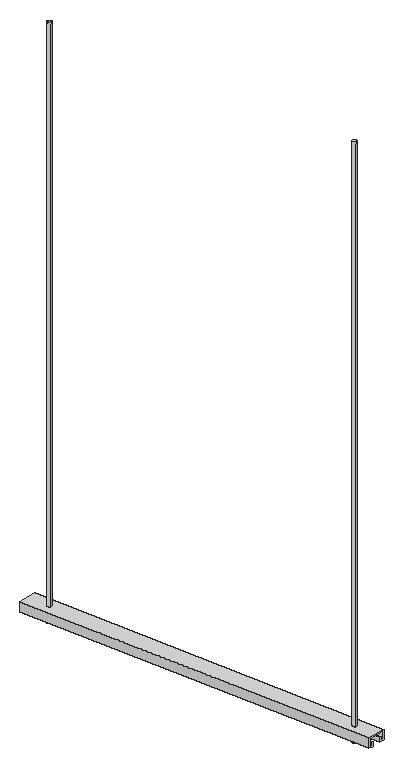
Revit family "LIIS_КрепежВоздуховодов_ТраверсаСоШпильками", category Соединительные детали коробов, Revit 2024
Family settings
  Размер круглого соединителя = Использовать диаметр
  Тип детали = Отвод
  На основе рабочей плоскости = Нет
  Всегда вертикально = Да
  При загрузке вырезать с полостями = Нет
  Общий = Нет
Parameters (values of type "Траверса со шпильками")
  ШпилькаУсиленная = no
  ШпилькаМ = 8 mm
  Ширина воздуховода [instance] = 600 mm
  ТипПрофиля = ♦ : 41x21x1.5
  Расстояние до основания [instance] = 1000 mm
  Профиль41x41x2.5 = ♦ : 41x41x2.5
  Профиль41x41x1.5 = ♦ : 41x41x1.5
  Профиль41x21x2.5 = ♦ : 41x21x2.5
  Профиль41x21x1.5 = ♦ : 41x21x1.5
  Профиль = if(ТипПрофиля = Профиль41x21x1.5, "41x21x1.5", if(ТипПрофиля = Профиль41x21x2.5, "41x21x2.5", if(ТипПрофиля = Профиль41x41x1.5, "41x41x1.5", if(ТипПрофиля = Профиль41x41x2.5, "41x41x2.5", "ТипПрофиля не найден"))))  # "41x21x1.5"
  Отметка по умолчанию = 0 mm
  ЛИИС_ИмяСистемы [instance] = "П1"
  ДлинаАнкера = size_lookup(LT_Анкер, "L", 0 mm, ШпилькаМ)  # 30 mm
  ДополнительнаяГайка = no
  Длина шпильки [instance] = (Высота воздуховода * 0.5 + Расстояние до основания + ДлинаАнкера + B + ВыносШпильки) * 2 / 1000 mm  # 2.527
  Высота воздуховода [instance] = 400 mm
  ВыносШпильки = if(ДополнительнаяГайка, S_Шайба + S_Гайка * 2 + S_Шайба * 2, S_Шайба + S_Гайка + S_Шайба * 2)  # 12.5 mm
  ВылетПрофиля = 100 mm
  X = size_lookup(LT_Профиль, "X", 8 mm, Профиль)  # 10 mm
  W = size_lookup(LT_Профиль, "W", 8 mm, Профиль)  # 9.3 mm
  S_Шайба = size_lookup(LT_Шайба, "s", 0 mm, ШпилькаМ)  # 2 mm
  S_Гайка = size_lookup(LT_Гайка, "m", 0 mm, ШпилькаМ)  # 6.5 mm
  S = size_lookup(LT_Профиль, "S", 1 mm, Профиль)  # 1.5 mm
  LT_Шайба = "Шайба"  # constant formula
  LT_Профиль = "С-образныйПрофиль"  # constant formula
  LT_Гайка = "Гайка"  # constant formula
  LT_Анкер = "Анкер"  # constant formula
  B = size_lookup(LT_Профиль, "B", 20 mm, Профиль)  # 21 mm
  ADSK_Наименование [instance] = size_lookup(LT_Профиль, "", "Решение не найдено", Профиль)  # "Профиль С-образный 41x21x1.5 мм"
  ADSK_Масса [instance] = size_lookup(LT_Профиль, "Massa", 0, Профиль)  # 1.062
  ADSK_Количество [instance] = (Ширина воздуховода + 2 * ВылетПрофиля) / 1000 mm  # 0.8
  ADSK_Единица измерения = "м"  # constant formula
  ADSK_Группирование [instance] = "Крепеж"
  ADSK_URL страницы изделия = "https://www.etm.ru/catalog/1040403670_perfoprofili_s_pokrytiem_holodnyy_cink?conf=33%243105%7C55%2413786%7C989%2468728%7C"
  A = size_lookup(LT_Профиль, "A", 20 mm, Профиль)  # 41 mm
Reference planes
  plane 1 "По центру (Вперед/Назад)": y = 0
  plane 2 "Ось": z = 0
  plane 3 "По центру (Влево/Вправо)": x = 0
  plane 4: x = -300
  plane 5: x = 300
  plane 6 "Верх": z = 200
  plane 7 "Низ": z = -200
  plane 8 "Основание": z = 1000
  plane 9: x = -350
  plane 10: x = -400
  plane 11: x = 350
  plane 12: x = 400
  plane 13: z = -221
  plane 14: z = -233.5
  plane 15: z = -223
  plane 16: z = -229.5
Forms (mm)
  Extrusion 1, solid, material "ADSK_Сталь оцинкованная"
    sketch origin (0, 0, 0) x (0, 1, 0) y (0, 0, 1)
      loop
        line (20.5, -200) -> (-20.5, -200) -> (-20.5, -221) -> (-11.2, -221) -> (-11.2, -211) -> (-12.7, -211) -> (-12.7, -219.5) -> (-19, -219.5) -> (-19, -201.5) -> (19, -201.5) -> (19, -219.5) -> (12.7, -219.5) -> (12.7, -211) -> (11.2, -211) -> (11.2, -221) -> (20.5, -221) -> (20.5, -200)
    from -400 to 400
  Extrusion 2, solid, material "ADSK_Сталь оцинкованная"
    sketch origin (0, 0, 0) x (1, 0, 0) y (0, 1, 0)
      loop
        circle (-350, 0) r 4
      loop
        circle (350, 0) r 4
    from -233.5 to 1000
Dimensions and locks
  equal spacing: plane 6 "Верх", plane 2 "Ось", plane 7 "Низ"
  "Высота воздуховода": plane 6 "Верх" to plane 7 "Низ"
  equal spacing: plane 5, plane 3 "По центру (Влево/Вправо)", plane 4
  "Ширина воздуховода": plane 5 to plane 4
  "Расстояние до основания": plane 8 "Основание" to plane 2 "Ось"
  equal spacing: plane 12, plane 11, plane 5
  "ВылетПрофиля": plane 12 to plane 5
  equal spacing: plane 4, plane 9, plane 10
  "ВылетПрофиля": plane 4 to plane 10
  equal spacing: Extrusion 1 sketch curve, plane 1 "По центру (Вперед/Назад)", Extrusion 1 sketch curve
  "A": Extrusion 1 sketch curve to Extrusion 1 sketch curve
  "S": plane 7 "Низ" to Extrusion 1 sketch curve
  "S": Extrusion 1 sketch curve to Extrusion 1 sketch curve  (x6)
  "B": plane 7 "Низ" to Extrusion 1 sketch curve  (x2)
  "X": Extrusion 1 sketch curve to Extrusion 1 sketch curve  (x2)
  "W": Extrusion 1 sketch curve to Extrusion 1 sketch curve  (x2)
  "B": plane 7 "Низ" to plane 13
  "ВыносШпильки": plane 13 to plane 14
  "S_Шайба": plane 13 to plane 15
  "S_Гайка": plane 15 to plane 16
  "ШпилькаМ": diameter of Extrusion 2 sketch curve  (x2)
  aligned and locked: level to plane 2 "Ось"
  aligned and locked: Extrusion 1 sketch curve to plane 7 "Низ"
  aligned and locked: Extrusion 1 to plane 10
  aligned and locked: Extrusion 1 to plane 12
  aligned and locked: plane 11 to Extrusion 2 sketch curve
  aligned and locked: plane 1 "По центру (Вперед/Назад)" to Extrusion 2 sketch curve  (x2)
  aligned and locked: plane 9 to Extrusion 2 sketch curve
  aligned and locked: plane 8 "Основание" to Extrusion 2
  aligned and locked: Extrusion 2 to plane 14
  aligned and locked: plane 9 to nested 1
  aligned and locked: plane 1 "По центру (Вперед/Назад)" to nested 1
  aligned and locked: plane 2 "Ось" to nested 1
  aligned and locked: plane 9 to nested 3
  aligned and locked: nested 4 to plane 11
  aligned and locked: plane 1 "По центру (Вперед/Назад)" to nested 4
  aligned and locked: plane 1 "По центру (Вперед/Назад)" to nested 3
  aligned and locked: plane 9 to nested 6
  aligned and locked: nested 7 to plane 11
  aligned and locked: plane 1 "По центру (Вперед/Назад)" to nested 7
  aligned and locked: plane 1 "По центру (Вперед/Назад)" to nested 6
  aligned and locked: plane 13 to nested 6
  aligned and locked: plane 15 to nested 3
  aligned and locked: plane 13 to nested 7
  aligned and locked: plane 15 to nested 4
  aligned and locked: plane 16 to nested 2
  aligned and locked: plane 16 to nested 5
  aligned and locked: plane 9 to nested 2
  aligned and locked: nested 5 to plane 11
  aligned and locked: plane 1 "По центру (Вперед/Назад)" to nested 5
  aligned and locked: plane 1 "По центру (Вперед/Назад)" to nested 2
  aligned and locked: plane 9 to nested 8
  aligned and locked: plane 1 "По центру (Вперед/Назад)" to nested 8
  aligned and locked: nested 9 to plane 11
  aligned and locked: plane 1 "По центру (Вперед/Назад)" to nested 9
Nested families
  nested 1: "Влж_КрепежВоздуховодов_ШпилькаРезьбовая" at (-350, 0, 0), M <- "ШпилькаМ", Усиленная <- "ШпилькаУсиленная", ADSK_Группирование <- "ADSK_Группирование", ADSK_Количество <- "Длина шпильки", ЛИИС_ИмяСистемы <- "ЛИИС_ИмяСистемы", type "Шпилька резьбовая метрическая"
    with Усиленная no, ЛИИС_ИмяСистемы "П1", Strong 0, M 8 mm, ADSK_Наименование "Шпилька резьбовая метрическая М8", ADSK_Масса 0.23, ADSK_Количество 2.527, ADSK_Группирование "Крепеж"
  nested 2: "Влж_КрепежВоздуховодов_ГайкаDIN934" at (-350, 0, -236), d <- "ШпилькаМ", ADSK_Группирование <- "ADSK_Группирование", visible <- "ДополнительнаяГайка", ЛИИС_ИмяСистемы <- "ЛИИС_ИмяСистемы", type "Гайка шестигранная DIN934"
    with Пользовательский no, ЛИИС_ИмяСистемы "П1", s 13 mm, m 6.5 mm, d 8 mm, ADSK_Наименование "Гайка шестигранная М8 DIN934", ADSK_Масса 0.0049, ADSK_Группирование "Крепеж"
  nested 3: "Влж_КрепежВоздуховодов_ГайкаDIN934" at (-350, 0, -229.5), d <- "ШпилькаМ", ADSK_Группирование <- "ADSK_Группирование", ЛИИС_ИмяСистемы <- "ЛИИС_ИмяСистемы", type "Гайка шестигранная DIN934"
    with Пользовательский no, ЛИИС_ИмяСистемы "П1", s 13 mm, m 6.5 mm, d 8 mm, ADSK_Наименование "Гайка шестигранная М8 DIN934", ADSK_Масса 0.0049, ADSK_Группирование "Крепеж"
  nested 4: "Влж_КрепежВоздуховодов_ГайкаDIN934" at (350, 0, -229.5), d <- "ШпилькаМ", ADSK_Группирование <- "ADSK_Группирование", ЛИИС_ИмяСистемы <- "ЛИИС_ИмяСистемы", type "Гайка шестигранная DIN934"
    with Пользовательский no, ЛИИС_ИмяСистемы "П1", s 13 mm, m 6.5 mm, d 8 mm, ADSK_Наименование "Гайка шестигранная М8 DIN934", ADSK_Масса 0.0049, ADSK_Группирование "Крепеж"
  nested 5: "Влж_КрепежВоздуховодов_ГайкаDIN934" at (350, 0, -236), d <- "ШпилькаМ", ADSK_Группирование <- "ADSK_Группирование", visible <- "ДополнительнаяГайка", ЛИИС_ИмяСистемы <- "ЛИИС_ИмяСистемы", type "Гайка шестигранная DIN934"
    with Пользовательский no, ЛИИС_ИмяСистемы "П1", s 13 mm, m 6.5 mm, d 8 mm, ADSK_Наименование "Гайка шестигранная М8 DIN934", ADSK_Масса 0.0049, ADSK_Группирование "Крепеж"
  nested 6: "Влж_КрепежВоздуховодов_ШайбаDIN9021" at (-350, 0, -223), M <- "ШпилькаМ", ADSK_Группирование <- "ADSK_Группирование", ЛИИС_ИмяСистемы <- "ЛИИС_ИмяСистемы", type "Шайба увеличенная оцинкованная DIN9021"
    with Пользовательский no, ЛИИС_ИмяСистемы "П1", s 2 mm, d 8.4 mm, M 8 mm, D 24 mm, ADSK_Наименование "Шайба увеличенная оцинкованная М8 DIN9021", ADSK_Масса 0.006, ADSK_Группирование "Крепеж"
  nested 7: "Влж_КрепежВоздуховодов_ШайбаDIN9021" at (350, 0, -223), M <- "ШпилькаМ", ADSK_Группирование <- "ADSK_Группирование", ЛИИС_ИмяСистемы <- "ЛИИС_ИмяСистемы", type "Шайба увеличенная оцинкованная DIN9021"
    with Пользовательский no, ЛИИС_ИмяСистемы "П1", s 2 mm, d 8.4 mm, M 8 mm, D 24 mm, ADSK_Наименование "Шайба увеличенная оцинкованная М8 DIN9021", ADSK_Масса 0.006, ADSK_Группирование "Крепеж"
  nested 8: "Влж_КрепежВоздуховодов_ЗабивнойАнкер" at (-350, 0, 0), M <- "ШпилькаМ", ADSK_Группирование <- "ADSK_Группирование", ЛИИС_ИмяСистемы <- "ЛИИС_ИмяСистемы", type "Анкер забивной с внутренней резьбой"
    with ЛИИС_ИмяСистемы "П1", M 8 mm, ADSK_Наименование "Анкер забивной с внутренней резьбой М8x30", ADSK_Масса 0.0081, ADSK_Группирование "Крепеж"
  nested 9: "Влж_КрепежВоздуховодов_ЗабивнойАнкер" at (350, 0, 0), M <- "ШпилькаМ", ADSK_Группирование <- "ADSK_Группирование", ЛИИС_ИмяСистемы <- "ЛИИС_ИмяСистемы", type "Анкер забивной с внутренней резьбой"
    with ЛИИС_ИмяСистемы "П1", M 8 mm, ADSK_Наименование "Анкер забивной с внутренней резьбой М8x30", ADSK_Масса 0.0081, ADSK_Группирование "Крепеж"
Definition of nested family "Влж_КрепежВоздуховодов_ГайкаDIN934"
  Parameters (values of type "Гайка шестигранная DIN934")
    Пользовательский [instance] = ADSK_Масса = 0  # no
    Default Elevation = 0 mm
    ЛИИС_ИмяСистемы [instance] = ""
    s [instance] = size_lookup(LT, "s", 5 mm, d)  # 13 mm
    m [instance] = size_lookup(LT, "m", 2 mm, d)  # 6.5 mm
    d [instance] = 8 mm
    LT = "Гайка"  # constant formula
    ADSK_Наименование [instance] = size_lookup(LT, "", "Решение не найдено", d)  # "Гайка шестигранная М8 DIN934"
    ADSK_Масса [instance] = size_lookup(LT, "Massa", 0, d)  # 0.0049
    ADSK_Количество = 1  # constant formula
    ADSK_Завод-изготовитель = ""
    ADSK_Единица измерения = "шт."  # constant formula
    ADSK_Группирование [instance] = ""
  Reference planes
    plane 1 "По центру (Вперед/Назад)": y = 0
    plane 2: z = 0
    plane 3 "По центру (Влево/Вправо)": x = 0
    plane 4: z = 6.5
  Forms (mm)
    Extrusion 1, solid
      sketch origin (0, 0, 0) x (1, 0, 0) y (0, 1, 0)
        loop
          line (0, 7.506) -> (-6.5, 3.753) -> (-6.5, -3.753) -> (0, -7.506) -> (6.5, -3.753) -> (6.5, 3.753) -> (0, 7.506)
        loop
          circle (0, 0) r 4
      from 0 to 6.5
  Dimensions and locks
    equal spacing: Extrusion 1 sketch curve, plane 3 "По центру (Влево/Вправо)", Extrusion 1 sketch curve  (x3)
    "m": plane 4 to plane 2
    "s": Extrusion 1 sketch curve to Extrusion 1 sketch curve  (x3)
    "d": diameter of Extrusion 1 sketch curve
    locked: Extrusion 1 sketch curve to Extrusion 1 sketch curve (angle 120.00°)  (x5)
    angle Extrusion 1 sketch curve to Extrusion 1 sketch curve = 120.00°
    aligned and locked: level to plane 2
    aligned and locked: plane 1 "По центру (Вперед/Назад)" to Extrusion 1 sketch curve
    aligned and locked: plane 3 "По центру (Влево/Вправо)" to Extrusion 1 sketch curve
    aligned and locked: plane 4 to Extrusion 1
    aligned and locked: Extrusion 1 to plane 2
Definition of nested family "Влж_КрепежВоздуховодов_ШайбаDIN9021"
  Parameters (values of type "Шайба увеличенная оцинкованная DIN9021")
    Пользовательский [instance] = ADSK_Масса = 0  # no
    Default Elevation = 0 mm
    ЛИИС_ИмяСистемы [instance] = ""
    s [instance] = size_lookup(LT, "s", 1 mm, M)  # 0.8 mm
    d [instance] = size_lookup(LT, "d", 8 mm, M)  # 3.2 mm
    M [instance] = 3 mm
    LT = "Шайба"  # constant formula
    D [instance] = size_lookup(LT, "D", 12 mm, M)  # 9 mm
    ADSK_Наименование [instance] = size_lookup(LT, "", "Решение не найдено", M)  # "Шайба увеличенная оцинкованная М3 DIN9021"
    ADSK_Масса [instance] = size_lookup(LT, "Massa", 0, M)  # 0.0008
    ADSK_Количество = 1  # constant formula
    ADSK_Завод-изготовитель = ""
    ADSK_Единица измерения = "шт."  # constant formula
    ADSK_Группирование [instance] = ""
  Reference planes
    plane 1 "По центру (Вперед/Назад)": y = 0
    plane 2: z = 0
    plane 3 "По центру (Влево/Вправо)": x = 0
    plane 4: z = 0.8
  Forms (mm)
    Extrusion 1, solid
      sketch origin (0, 0, 0) x (1, 0, 0) y (0, 1, 0)
        loop
          circle (0, 0) r 4.5
        loop
          circle (0, 0) r 1.6
      from 0 to 0.8
  Dimensions and locks
    "s": plane 4 to plane 2
    "D": diameter of Extrusion 1 sketch curve
    "d": diameter of Extrusion 1 sketch curve
    aligned and locked: level to plane 2
    aligned and locked: plane 3 "По центру (Влево/Вправо)" to Extrusion 1 sketch curve  (x2)
    aligned and locked: plane 1 "По центру (Вперед/Назад)" to Extrusion 1 sketch curve  (x2)
    aligned and locked: Extrusion 1 to plane 2
    aligned and locked: plane 4 to Extrusion 1
Definition of nested family "Влж_КрепежВоздуховодов_ШпилькаРезьбовая"
  Parameters (values of type "Шпилька резьбовая метрическая")
    Усиленная [instance] = yes
    Default Elevation = 0 mm
    ЛИИС_ИмяСистемы [instance] = ""
    Strong [instance] = if(Усиленная, 1, 0)  # 1
    M [instance] = 4 mm
    LT = "Шпилька"  # constant formula
    ADSK_Наименование [instance] = size_lookup(LT, "", "Решение не найдено", M, Strong)  # "Шпилька резьбовая усиленная метрическая М4"
    ADSK_Масса [instance] = size_lookup(LT, "Massa", 0, M, Strong)  # 0.074
    ADSK_Количество [instance] = 1
    ADSK_Единица измерения = "м"  # constant formula
    ADSK_Группирование [instance] = ""
  Reference planes
    plane 1 "По центру (Вперед/Назад)": y = 0
    plane 2 "Центрирование (Вверх/Вниз)": z = 0
    plane 3 "По центру (Влево/Вправо)": x = 0
  Dimensions and locks
    aligned and locked: level to plane 2 "Центрирование (Вверх/Вниз)"
Definition of nested family "Влж_КрепежВоздуховодов_ЗабивнойАнкер"
  Parameters (values of type "Анкер забивной с внутренней резьбой")
    Default Elevation = 0 mm
    ЛИИС_ИмяСистемы [instance] = ""
    M [instance] = 8 mm
    LT = "Анкер"  # constant formula
    ADSK_Наименование [instance] = size_lookup(LT, "", "Решение не найдено", M)  # "Анкер забивной с внутренней резьбой М8x30"
    ADSK_Масса [instance] = size_lookup(LT, "Massa", 0, M)  # 0.0081
    ADSK_Количество = 1  # constant formula
    ADSK_Завод-изготовитель = ""
    ADSK_Единица измерения = "шт."  # constant formula
    ADSK_Группирование [instance] = ""
  Reference planes
    plane 1 "По центру (Вперед/Назад)": y = 0
    plane 2: z = 0
    plane 3 "По центру (Влево/Вправо)": x = 0
  Dimensions and locks
    aligned and locked: level to plane 2
